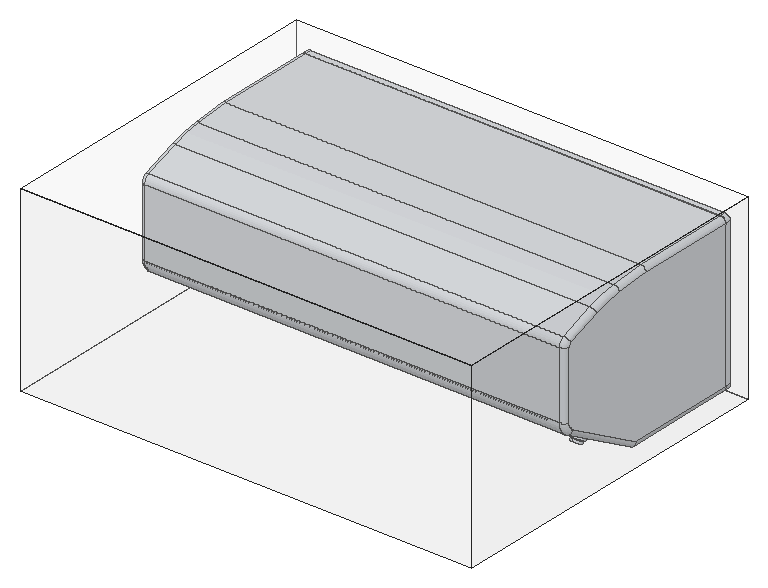
Revit family "msz-hxv25_8026_50hz", category 機械設備, Revit 2023
Family settings
  丸型コネクタ寸法 = 直径を使用
  種別 = なし
  パーツ タイプ = 標準
  OmniClass 番号 = 23.75.10.24.21.27.27
  OmniClass タイトル = Split System Air Conditioning Units
  作業面ベース = いいえ
  常に垂直 = はい
  ロード時にボイドで切り取り = いいえ
  注釈の向きを維持 = いいえ
  共有 = いいえ
  部屋計算ポイント = はい
Parameters (values of type "壁掛_MSZ-HXV2526-W-IN")
  運転音(静冷房)  db = 34
  運転音(静暖房)  db = 39
  運転音(強暖房)  db = 62
  運転音(強冷房)  db = 61
  運転音(弱暖房)  db = 45
  運転音(弱冷房)  db = 46
  運転音(中暖房)  db = 50
  運転音(中冷房)  db = 51
  風量 = MAX風量  # 780 m³/h
  音響パワーレベル(dB) = if([運転音(強冷房)  db] > [運転音(強暖房)  db], [運転音(強冷房)  db], [運転音(強暖房)  db])  # 62
  電源種別 = ""
  電圧_電気ヒーター = 0 V
  電圧 = 100 V
  電動機出力_送風機 = 28 W
  運転質量 = 0.00 kg
  連動 = ""
  質量 = if(製品質量 > 運転質量, 製品質量, 運転質量) * 1.2  # 21.60 kg
  負荷分類 = 1_熱源類
  説明 = "ルームエアコン(霧ヶ峰) HXVシリーズ 室内ユニット"
  設計暖房能力 [instance] = 0 kW
  設計冷房能力_顕熱 [instance] = 0 kW
  設計冷房能力 [instance] = 0 kW
  設置方法 = "壁掛形"
  記号 [instance] = ""
  製造元 = "三菱電機株式会社"
  製品質量 = 18.00 kg
  製品出荷対象 = "国内"
  製品リリース年月 = ""
  製品グループ = ""
  系統 [instance] = ""
  符号 = "PAC"
  積算_科目 = "1 空気調和設備"
  積算_拾い区分 [instance] = ""
  相_電気ヒーター = 1
  相 = 1
  盤記号 [instance] = ""
  発停方法 = "付属スイッチ"
  特殊仕様 [instance] = ""
  火災停止 = ""
  消費電力_電気ヒーター = 0 W
  消費電力_暖房 = 590 W
  消費電力_冷房 = 500 W
  消費電力 = if(消費電力_冷房 > 消費電力_暖房, 消費電力_冷房, 消費電力_暖房)  # 590 W
  法定耐用年数 = "6"
  極数 = 1
  材質 [instance] = ""
  本体マテリアル = none
  有効加湿量 = 0
  最大電流値 = 0 A
  暖房能力 = 3.2 kW
  暖房 風量 = 780 m³/h
  既定の高さ = 0 mm
  推奨ブレーカー容量 = 0 A
  台数_冷媒分岐ユニット [instance] = ""
  冷房 風量 = 665 m³/h
  冷媒管長 [instance] = 0 mm
  価格 = 0
  形式_加湿器 = ""
  形式 = "壁掛 (露出)形"
  幹線記号 = ""
  室内機 = 室内機 : MSZ-HXV25*-W-IN
  始動方式 = "直入"
  呼称 = "パッケージ形空気調和機_室内機"
  周波数 = 50 Hz
  台数_手元リモコン = ""
  参照している仕様書等のバージョン = "公共建築工事標準仕様書（機械設備工事編）平成31年度版"
  加湿給水管径 = 0 mm
  分類コード = "5.0053E+13"
  分類グループ = ""
  冷房能力 = 2.5 kW
  冷媒高低圧ガス管径 = 0 mm
  冷媒管径符号 = "Ab"
  冷媒管径 = 100 mm
  冷媒液管径 = 6.35 mm
  冷媒ガス管径 = 9.52 mm
  企業コード = "108420"
  付属品 [instance] = ""
  仕様書バージョン = "Version1.0"
  モデル = "MSZ-HXV2526-W-IN"
  ドレン管径 = 16 mm
  サービススペース = yes
  コメント [instance] = ""
  【値が 0 の項目は組合せ形名にてご確認ください】 = ""
  Width = 799 mm
  Version = ""
  Uniclass2015Version = "Systems v1.9"
  Uniclass2015Title = "Split coil remote air cooled condensing units"
  Uniclass2015Code = "Pr_70_65_03_84"
  URL = "https://www.mitsubishielectric.co.jp/ldg/wink/"
  S寸法 = 0 mm
  SpecificationReference = ""
  SpecificationDescription = ""
  Revision = ""
  ProductInformation = ""
  OmniClassCode = "23-33 17 13 11"
  MAX風量 = if(冷房 風量 > 暖房 風量, 冷房 風量, 暖房 風量)  # 780 m³/h
  IfcTypeProduct = ""
  IfcProduct = ""
  IfcExportType = "AIRCONDITIONINGUNIT"
  IfcExportAs = "IfcUnitaryEquipmentType"
  Height = 295 mm
  Depth = 389 mm
  Clearance Top = 39 mm
  Clearance Right = 30 mm
  Clearance Left = 20 mm
  Clearance Front = 256 mm
  Clearance Bottom = 7 mm
  Clearance Back = 0 mm
  COP = 0
  Author = "三菱電機株式会社"
  APF = 0
Types (7, lengths in mm): name | 運転音(静冷房)  db | 運転音(静暖房)  db | 運転音(強暖房)  db | 運転音(強冷房)  db | 運転音(弱暖房)  db | 運転音(弱冷房)  db | 運転音(中暖房)  db | 運転音(中冷房)  db | 風量 | 音響パワーレベル(dB) | 電圧 | 電動機出力_送風機 | 質量 | 製品質量 | 消費電力_暖房 | 消費電力_冷房 | 消費電力 | 暖房能力 | 暖房 風量 | 冷房 風量 | 室内機 | 冷房能力 | 冷媒管径符号 | 冷媒ガス管径 | モデル | MAX風量
  壁掛_MSZ-HXV2526-W-IN | 34 | 39 | 62 | 61 | 45 | 46 | 50 | 51 | 780 m³/h | 62 | 100 V | 28 W | 21.60 kg | 18.00 kg | 590 W | 500 W | 590 W | 3.2 kW | 780 m³/h | 665 m³/h | 室内機 : MSZ-HXV25*-W-IN | 2.5 kW | "Ab" | 9.52 | "MSZ-HXV2526-W-IN" | 780 m³/h
  壁掛_MSZ-HXV2826S-W-IN | 34 | 39 | 66 | 63 | 46 | 48 | 52 | 53 | 810 m³/h | 66 | 200 V | 40 W | 21.60 kg | 18.00 kg | 770 W | 580 W | 770 W | 4 kW | 810 m³/h | 665 m³/h | 室内機 : MSZ-HXV28*-W-IN | 2.8 kW | "Ab" | 9.52 | "MSZ-HXV2826S-W-IN" | 810 m³/h
  壁掛_MSZ-HXV4026S-W-IN | 40 | 44 | 69 | 67 | 50 | 50 | 55 | 55 | 930 m³/h | 69 | 200 V | 40 W | 22.80 kg | 19.00 kg | 1430 W | 960 W | 1430 W | 6 kW | 930 m³/h | 730 m³/h | 室内機 : MSZ-HXV40*S-W-IN | 4 kW | "Ab" | 9.52 | "MSZ-HXV4026S-W-IN" | 930 m³/h
  壁掛_MSZ-HXV5626S-W-IN | 44 | 46 | 71 | 68 | 51 | 51 | 56 | 56 | 940 m³/h | 71 | 200 V | 40 W | 22.80 kg | 19.00 kg | 1700 W | 1720 W | 1720 W | 6.7 kW | 940 m³/h | 805 m³/h | 室内機 : MSZ-HXV56*S-W-IN | 5.6 kW | "Ab" | 9.52 | "MSZ-HXV5626S-W-IN" | 940 m³/h
  壁掛_MSZ-HXV6326S-W-IN | 44 | 47 | 71 | 69 | 52 | 52 | 57 | 57 | 960 m³/h | 71 | 200 V | 40 W | 22.80 kg | 19.00 kg | 1900 W | 2200 W | 2200 W | 7.1 kW | 960 m³/h | 860 m³/h | 室内機 : MSZ-HXV63*S-W-IN | 6.3 kW | "Ac" | 12.7 | "MSZ-HXV6326S-W-IN" | 960 m³/h
  壁掛_MSZ-HXV7126S-W-IN | 44 | 47 | 72 | 70 | 52 | 52 | 57 | 57 | 1045 m³/h | 72 | 200 V | 40 W | 22.80 kg | 19.00 kg | 2350 W | 2500 W | 2500 W | 8.5 kW | 1045 m³/h | 960 m³/h | 室内機 : MSZ-HXV71*S-W-IN | 7.1 kW | "Ac" | 12.7 | "MSZ-HXV7126S-W-IN" | 1045 m³/h
  壁掛_MSZ-HXV8026S-W-IN | 44 | 47 | 72 | 72 | 52 | 52 | 57 | 57 | 1045 m³/h | 72 | 200 V | 46 W | 22.80 kg | 19.00 kg | 2680 W | 2920 W | 2920 W | 9.5 kW | 1045 m³/h | 960 m³/h | 室内機 : MSZ-HXV80*S-W-IN | 8 kW | "Ac" | 12.7 | "MSZ-HXV8026S-W-IN" | 1045 m³/h
Reference planes
  plane 1 "中心(正面/背面)": y = 0
  plane 2: z = 0
  plane 3 "中心(左/右)": x = 0
  plane 4: y = -650
  plane 5: x = -399.5
  plane 6: x = 399.5
  plane 7: x = 429.5
  plane 8: z = 0
  plane 9: z = 39
  plane 10: x = -419.5
  plane 11: z = -253
  plane 12: x = 332
  plane 13: z = -302
  plane 14: y = -199.5
  plane 15: y = -394
  plane 16: y = -5
  plane 17: z = -254
  plane 18: z = -295
  plane 19: y = 0
  plane 20: z = -284
  plane 21: z = -273
  plane 22: z = -385
Forms (mm)
  Extrusion 1, solid, detail levels fine
    sketch origin (-695, 194.999, 0) x (1, 0, 0) y (0, 0, 1)
      loop
        circle (1027, -253) r 10
    from 199.999 to 217.5
  Extrusion 2, solid, detail levels fine
    sketch origin (-695, 210.625, -30) x (1, 0, 0) y (0, 0, 1)
      loop
        circle (1027, -243) r 5
    from 215.625 to 220.625
Lines and regions (mm)
  Masking region 1, detail levels coarse+medium
    outline origin (0, 0, 0) x (1, 0, 0) y (0, 1, 0)
      loop
        line (399.5, 0) -> (-399.5, 0) -> (-399.5, -394) -> (399.5, -394) -> (399.5, 0)
Dimensions and locks
  equal spacing: plane 5, plane 3 "中心(左/右)", plane 6
  "Clearance Right": plane 6 to plane 7
  "Clearance Top": plane 9 to plane 8
  "Width": plane 5 to plane 6
  "Clearance Left": plane 10 to plane 5
  equal spacing: plane 15, plane 14, plane 16
  "Depth": plane 15 to plane 16
  "Clearance Front": plane 4 to plane 15
  nested 1 to plane 15 = 389 mm
  "Clearance Bottom": plane 18 to plane 13
  "Height": plane 8 to plane 18
  locked: plane 18 to plane 11 at 42
  locked: plane 18 to plane 17 at 41
  "Clearance Back": plane 1 "中心(正面/背面)" to plane 19
  locked: plane 20 to plane 17 at 30
  locked: plane 21 to plane 11 at 20
  plane 16 to plane 19 = 5 mm
  plane 4 to plane 19 = 650 mm
  plane 19 to plane 16 = 5 mm
  aligned and locked: plane 2 to level
  aligned and locked: plane 8 to nested 1  (x2)
  aligned and locked: nested 1 to plane 18  (x2)
  aligned and locked: level to plane 8
  aligned and locked: plane 9 to nested 2
  aligned and locked: plane 13 to nested 2
  aligned and locked: Masking region 1 sketch curve to plane 5
  aligned and locked: plane 15 to Masking region 1 sketch curve
  aligned and locked: Masking region 1 sketch curve to plane 19
  aligned and locked: plane 6 to Masking region 1 sketch curve
  aligned and locked: plane 16 to nested 1
  aligned and locked: plane 1 "中心(正面/背面)" to nested 2
  aligned and locked: plane 10 to nested 2
  aligned and locked: plane 7 to nested 2
  aligned and locked: plane 4 to nested 2
  aligned and locked: nested 1 to Extrusion 1
  aligned and locked: nested 1 to Extrusion 2
Automatic sketch dimensions
  Extrusion 1 sketch curve to plane 11 = 0 mm
  plane 12 to Extrusion 1 sketch curve = 0 mm
  plane 12 to Extrusion 2 sketch curve = 0 mm
  Extrusion 2 sketch curve to plane 21 = 0 mm
  radius of Extrusion 1 sketch curve = 10 mm
  radius of Extrusion 2 sketch curve = 5 mm
Nested families
  nested 1: "室内機" at (0, 0, -295), type <- "室内機", type "MSZ-HXV25*-W-IN", detail levels fine
  nested 2: "サービススペース" at (5, -325, -131.5), visible <- "サービススペース", type "サービススペース"
    with Width 849 mm, Height 341 mm, Depth 650 mm
Connectors
  piping at (332, -5, -253), diameter 100, driven by "冷媒管径", driven by "冷媒管径符号"
    settings: on Extrusion 1, index 7, connector inside diameter 609.6 mm, connector length 0 mm, flow factor 0, pipe flow 0.0 L/s, pressure drop 0.0 Pa, fitting loss kfactor 0, connector angle 0.00°, fixture units 0, engagement length 0 mm, angle of deflection 0.00°, flow configuration 1, flow direction 1, fitting loss method 4, system type 7, joint type 0, gender type 0, connector reference index -1, connector utility 0, adjustable connector no, is connector primary yes, connector description "Ab"
  piping at (332, -5, -273), diameter 16, driven by "ドレン管径"
    settings: on Extrusion 2, index 8, connector inside diameter 609.6 mm, connector length 0 mm, flow factor 0, pipe flow 0.0 L/s, pressure drop 0.0 Pa, fitting loss kfactor 0, connector angle 0.00°, fixture units 0, engagement length 0 mm, angle of deflection 0.00°, flow configuration 1, flow direction 2, fitting loss method 4, system type 16, joint type 0, gender type 0, connector reference index -1, connector utility 0, adjustable connector no, is connector primary no, connector description ""
  electrical at (0, -5, -147.5), driven by "負荷分類", driven by "電圧", driven by "消費電力"
    settings: on nested 1, index 10, voltage 100 V, apparent load 590 VA, apparent load phase1 0 VA, apparent load phase2 0 VA, apparent load phase3 0 VA, power factor 1, load classification "1_熱源類", number of poles 1, system type 30, power factor state 1, is connector primary yes, connector utility no, sub classification motor no, connector description ""
Definition of nested family "室内機"
  Parameters (values of type "MSZ-ZXV9023S-W-IN")
    Default Elevation = 0 mm
    Width = 799 mm
    Height = 295 mm
    Depth = 394 mm
  Types (12): name
    MSZ-ZXV9023S-W-IN
    MSZ-ZXV8023S-W-IN
    MSZ-ZXV7123S-W-IN
    MSZ-ZXV6323S-W-IN
    MSZ-ZXV5623S-W-IN
    MSZ-ZXV4023S-W-IN
    MSZ-ZXV3623S-W-IN
    MSZ-ZXV3623-W-IN
    MSZ-ZXV2823S-W-IN
    MSZ-ZXV2823-W-IN
    MSZ-ZXV2523-W-IN
    MSZ-ZXV2223-W-IN
  Reference planes
    plane 1 "中心(正面/背面)": y = 0
    plane 2: z = 0
    plane 3 "中心(左/右)": x = 0
    plane 4: y = -5
    plane 5: x = 399.5
    plane 6: x = -399.5
    plane 7: y = -394
    plane 8: z = 295
    plane 9: x = 379.5
    plane 10: y = -385
    plane 11: y = -394
    plane 12: z = 42
    plane 13: z = 295
    plane 14: z = 273
    plane 15: x = 352
    plane 16: x = -352
    plane 17: x = 399
    plane 18: x = 335
    plane 19: z = 253
    plane 20: x = 225
    plane 21: x = -225
    plane 22: x = 280
    plane 23: x = 155
    plane 24: z = 263
    plane 25: z = 243
  Forms (mm)
    Extrusion 1, solid
      sketch origin (0, 4, 0) x (0, 1, 0) y (0, 0, 1)
        loop
          line (-20, 284.987) -> (-212.516, 284.987) -> (-267.726, 279.494)
          arc (-267.726, 279.494) -> (-294.837, 275.073) -> (-321.185, 267.308) r 219.987
          line (-321.185, 267.308) -> (-384.718, 244.184)
          arc (-384.718, 244.184) -> (-387.098, 242.358) -> (-388, 239.497) r 4.987
          line (-388, 239.497) -> (-388, 112.321)
          arc (-388, 112.321) -> (-385.322, 102.327) -> (-378.006, 95.011) r 19.987
          line (-378.006, 95.011) -> (-230.785, 10.013) -> (-20, 10.013) -> (-20, 284.987)
      from -399.5 to 399.5
    Sweep 2, solid
      path origin (390, 4, 0) x (0, 1, 0) y (0, 0, 1)
        loop
          line (-20, 295) -> (-208.013, 295) -> (-270.599, 288.772)
          arc (-270.599, 288.772) -> (-298.943, 284.15) -> (-326.49, 276.032) r 230
          line (-326.49, 276.032) -> (-388.143, 253.592)
          arc (-388.143, 253.592) -> (-395.3, 248.101) -> (-398.013, 239.497) r 15
          line (-398.013, 239.497) -> (-398.013, 112.321)
          arc (-398.013, 112.321) -> (-393.993, 97.321) -> (-383.013, 86.34) r 30
          line (-383.013, 86.34) -> (-233.468, 0) -> (-20, 0)
      profile origin (390, -110.006, 295) x (0, 0, -1) y (1, 0, 0)
        loop
          arc (10.013, 9.5) -> (3.113, 6.75) -> (0.013, 0) r 10
          line (0.013, 0) -> (0.013, -780)
          arc (0.013, -780) -> (3.113, -786.75) -> (10.013, -789.5) r 10
          line (10.013, -789.5) -> (10.013, 9.5)
    Extrusion 3, solid
      sketch origin (0, 0, 0) x (1, 0, 0) y (0, 0, 1)
        loop
          line (-399.5, 285) -> (-399.5, 10)
          arc (-399.5, 10) -> (-396.746, 3.108) -> (-390, 0.013) r 10
          line (-390, 0.013) -> (390, 0.013)
          arc (390, 0.013) -> (396.746, 3.108) -> (399.5, 10) r 10
          line (399.5, 10) -> (399.5, 285)
          arc (399.5, 285) -> (396.746, 291.892) -> (390, 294.987) r 10
          line (390, 294.987) -> (-390, 294.987)
          arc (-390, 294.987) -> (-396.746, 291.892) -> (-399.5, 285) r 10
      from 16 to 5
    Revolve 4, solid
      sketch origin (367, -58.632, -153.367) x (0, 0.866025, -0.5) y (0, 0.5, 0.866025)
        loop
          line (-330.479, 56.396) -> (-330.479, 42.304) -> (-323.593, 42.304) -> (-323.593, 35.722) -> (-320.593, 35.722) -> (-320.593, 40.304)
          arc (-320.593, 40.304) -> (-320.007, 41.718) -> (-318.593, 42.304) r 2
          line (-318.593, 42.304) -> (-317.593, 42.304) -> (-317.593, 56.396) -> (-330.479, 56.396)
        axis (-330.479, 35.722) -> (-330.479, 56.396)
      angle from 0 to 360
    Extrusion 5, void
      sketch origin (0, -129.013, 230.692) x (1, 0, 0) y (0, -0.866025, 0.5)
        loop
          line (-383, 2) -> (-8.5, 2) -> (-8.5, 52) -> (-383, 52) -> (-383, 2)
        loop
          line (-385, 54) -> (-385, 0) -> (385, 0) -> (385, 54) -> (-385, 54)
        loop
          line (383, 2) -> (383, 52) -> (-6.5, 52) -> (-6.5, 2) -> (383, 2)
      from 250 to 244.836
    Extrusion 6, solid
      sketch origin (0, 0, 0) x (1, 0, 0) y (0, 0, 1)
        loop
          line (-285, 0) -> (285, 0) -> (285, 70)
          arc (285, 70) -> (292.322, 87.678) -> (310, 95) r 25
          arc (310, 95) -> (327.678, 102.322) -> (335, 120) r 25
          line (335, 120) -> (335, 273) -> (295, 273) -> (295, 278)
          arc (295, 278) -> (293.536, 281.536) -> (290, 283) r 5
          line (290, 283) -> (270, 283)
          arc (270, 283) -> (266.464, 281.536) -> (265, 278) r 5
          line (265, 278) -> (265, 273) -> (119.535, 273) -> (70.033, 253) -> (24.949, 253) -> (10, 290) -> (0, 290) -> (-10, 290) -> (-24.949, 253) -> (-105.033, 253) -> (-154.535, 273) -> (-265, 273) -> (-265, 278)
          arc (-265, 278) -> (-266.464, 281.536) -> (-270, 283) r 5
          line (-270, 283) -> (-290, 283)
          arc (-290, 283) -> (-293.536, 281.536) -> (-295, 278) r 5
          line (-295, 278) -> (-295, 273) -> (-335, 273) -> (-335, 120)
          arc (-335, 120) -> (-327.678, 102.322) -> (-310, 95) r 25
          arc (-310, 95) -> (-292.322, 87.678) -> (-285, 70) r 25
          line (-285, 70) -> (-285, 0)
        loop
          line (230.5, 248.5) -> (230.5, 257.5)
          arc (230.5, 257.5) -> (225, 263) -> (219.5, 257.5) r 5.5
          line (219.5, 257.5) -> (219.5, 248.5)
          arc (219.5, 248.5) -> (225, 243) -> (230.5, 248.5) r 5.5
        loop
          arc (-220.5, 247.5) -> (-215, 253) -> (-220.5, 258.5) r 5.5
          line (-220.5, 258.5) -> (-229.5, 258.5)
          arc (-229.5, 258.5) -> (-235, 253) -> (-229.5, 247.5) r 5.5
          line (-229.5, 247.5) -> (-220.5, 247.5)
        loop
          line (-105, 10) -> (105, 10)
          arc (105, 10) -> (155, 60) -> (105, 110) r 50
          line (105, 110) -> (-105, 110)
          arc (-105, 110) -> (-155, 60) -> (-105, 10) r 50
        loop
          line (305, 243) -> (255, 243) -> (255, 188) -> (261.875, 188)
          arc (261.875, 188) -> (265.887, 200.215) -> (267.245, 213) r 60.879
          line (267.245, 213) -> (292.755, 213)
          arc (292.755, 213) -> (294.113, 200.215) -> (298.125, 188) r 60.879
          line (298.125, 188) -> (305, 188) -> (305, 243)
        loop
          line (-305, 243) -> (-305, 188) -> (-298.125, 188)
          arc (-298.125, 188) -> (-294.113, 200.215) -> (-292.755, 213) r 60.879
          line (-292.755, 213) -> (-267.245, 213)
          arc (-267.245, 213) -> (-265.887, 200.215) -> (-261.875, 188) r 60.879
          line (-261.875, 188) -> (-255, 188) -> (-255, 243) -> (-305, 243)
      from 0 to 5
  Cuts and joins
    Extrusion 5 cuts Extrusion 1
    Extrusion 5 cuts Sweep 2
    joined: Sweep 2, Revolve 4
    Extrusion 5 cuts Extrusion 3
  Lines and regions (mm)
    model lines
      curve 1: line (-349.5, -121, 294.987) -> (-349.5, -181, 294.987)
      curve 2: line (-349.5, -189.013, 294.987) -> (349.5, -189.013, 294.987)
      curve 3: line (-349.5, -131, 294.987) -> (349.5, -131, 294.987)
      curve 4: line (349.5, -121, 294.987) -> (349.5, -181, 294.987)
      curve 5: line (-249.643, -121, 294.987) -> (-249.643, -181, 294.987)
      curve 6: line (-149.786, -121, 294.987) -> (-149.786, -181, 294.987)
      curve 7: line (-49.929, -121, 294.987) -> (-49.929, -181, 294.987)
      curve 8: line (49.929, -121, 294.987) -> (49.929, -181, 294.987)
      curve 9: line (149.786, -121, 294.987) -> (149.786, -181, 294.987)
      curve 10: line (249.643, -121, 294.987) -> (249.643, -181, 294.987)
      curve 11: line (-349.5, -151, 294.987) -> (349.5, -151, 294.987)
      curve 12: line (-349.5, -179.013, 294.987) -> (349.5, -179.013, 294.987)
      curve 13: line (-349.5, -161, 294.987) -> (349.5, -161, 294.987)
      curve 14: line (-349.5, -141, 294.987) -> (349.5, -141, 294.987)
      curve 15: line (-349.5, -121, 294.987) -> (349.5, -121, 294.987)
      curve 16: line (-349.5, -46, 294.987) -> (-349.5, -106, 294.987)
      curve 17: line (-349.5, -106, 294.987) -> (349.5, -106, 294.987)
      curve 18: line (-349.5, -56, 294.987) -> (349.5, -56, 294.987)
      curve 19: line (349.5, -46, 294.987) -> (349.5, -106, 294.987)
      curve 20: line (-249.643, -46, 294.987) -> (-249.643, -106, 294.987)
      curve 21: line (-149.786, -46, 294.987) -> (-149.786, -106, 294.987)
      curve 22: line (-49.929, -46, 294.987) -> (-49.929, -106, 294.987)
      curve 23: line (49.929, -46, 294.987) -> (49.929, -106, 294.987)
      curve 24: line (149.786, -46, 294.987) -> (149.786, -106, 294.987)
      curve 25: line (249.643, -46, 294.987) -> (249.643, -106, 294.987)
      curve 26: line (-349.5, -76, 294.987) -> (349.5, -76, 294.987)
      curve 27: line (-349.5, -96, 294.987) -> (349.5, -96, 294.987)
      curve 28: line (-349.5, -86, 294.987) -> (349.5, -86, 294.987)
      curve 29: line (-349.5, -66, 294.987) -> (349.5, -66, 294.987)
      curve 30: line (-349.5, -46, 294.987) -> (349.5, -46, 294.987)
  Dimensions and locks
    equal spacing: plane 6, plane 3 "中心(左/右)", plane 5
    "Width": plane 6 to plane 5
    "Depth": plane 7 to plane 1 "中心(正面/背面)"
    "Height": plane 8 to level
    plane 6 to curve 1 = 50 mm
    locked: plane 4 to plane 1 "中心(正面/背面)" at 5
    cut or joined group of Extrusion 3, Extrusion 5 to plane 7 = 389 mm
    cut or joined group of Extrusion 3, Extrusion 5 to plane 11 = 389 mm
    plane 7 to cut or joined group of Extrusion 3, Extrusion 5 = 389 mm
    plane 13 to plane 12 = 253 mm
    plane 13 to plane 14 = 22 mm
    plane 18 to plane 17 = 64 mm
    plane 17 to plane 15 = 47 mm
    plane 19 to plane 12 = 211 mm
    plane 14 to plane 12 = 231 mm
    plane 19 to Extrusion 6 sketch curve = 65 mm
    plane 24 to plane 25 = 20 mm
    aligned and locked: level to plane 2
    aligned and locked: Extrusion 3 to Extrusion 1
    aligned and locked: cut or joined group of Extrusion 3, Extrusion 5 to plane 4
    aligned and locked: plane 4 to cut or joined group of Extrusion 3, Extrusion 5
    aligned and locked: plane 7 to cut or joined group of Sweep 2, Revolve 4, Extrusion 5
    aligned and locked: Extrusion 6 to plane 1 "中心(正面/背面)"
    aligned and locked: plane 4 to Extrusion 6
  Automatic sketch dimensions
    Extrusion 3 sketch curve to plane 6 = 0 mm
    Extrusion 3 sketch curve to plane 5 = 0 mm
    Extrusion 3 sketch curve to plane 8 = 0.013 mm
    plane 6 to Extrusion 3 sketch curve = 9.5 mm  (x2)
    level to Extrusion 3 sketch curve = 0.013 mm
    level to Extrusion 3 sketch curve = 10 mm
    Extrusion 3 sketch curve to Extrusion 3 sketch curve = 0.5 mm
    Extrusion 3 sketch curve to plane 5 = 10 mm  (x2)
    Extrusion 3 sketch curve to plane 5 = 9.5 mm  (x2)
    level to Revolve 4 sketch curve = 60.713 mm
    Revolve 4 sketch curve to plane 7 = 77.363 mm
    Revolve 4 sketch curve to Revolve 4 sketch curve = 6.886 mm
    Revolve 4 sketch curve to Revolve 4 sketch curve = 3 mm
    Revolve 4 sketch curve to Revolve 4 sketch curve = 2 mm
    Revolve 4 sketch curve to Revolve 4 sketch curve = 12.886 mm
    Revolve 4 sketch curve to Revolve 4 sketch curve = 14.091 mm
    Revolve 4 sketch curve to Revolve 4 sketch curve = 0 mm  (x2)
    Revolve 4 sketch curve to Revolve 4 sketch curve = 4.583 mm
    Revolve 4 sketch curve to Revolve 4 sketch curve = 6.134 mm
    Revolve 4 sketch curve to Revolve 4 sketch curve = 3.815 mm
    plane 6 to Extrusion 5 sketch curve = 14.5 mm
    Extrusion 5 sketch curve to Extrusion 5 sketch curve = 2 mm  (x5)
    Extrusion 5 sketch curve to plane 3 "中心(左/右)" = 8.5 mm
    plane 9 to Extrusion 5 sketch curve = 3.5 mm
    Extrusion 5 sketch curve to Extrusion 5 sketch curve = 0 mm
    Extrusion 5 sketch curve to Extrusion 5 sketch curve = 50 mm  (x2)
    curve 1 to curve 1 = 60 mm  (x2)
    Extrusion 1 sketch curve to plane 7 = 10 mm
    Extrusion 1 sketch curve to Extrusion 1 sketch curve = 3.282 mm
    Extrusion 1 sketch curve to Extrusion 1 sketch curve = 1.706 mm
    Extrusion 1 sketch curve to Extrusion 1 sketch curve = 9.994 mm  (x2)
    Extrusion 1 sketch curve to plane 8 = 27.692 mm
    Extrusion 1 sketch curve to Extrusion 1 sketch curve = 63.534 mm
    Extrusion 1 sketch curve to plane 8 = 15.506 mm
    Extrusion 1 sketch curve to Extrusion 1 sketch curve = 53.458 mm
    level to Extrusion 1 sketch curve = 60.587 mm
    level to Extrusion 1 sketch curve = 10.013 mm
    Extrusion 1 sketch curve to Extrusion 1 sketch curve = 15.16 mm
    Extrusion 1 sketch curve to plane 8 = 10.013 mm
    Extrusion 1 sketch curve to Extrusion 1 sketch curve = 55.211 mm
    plane 4 to Extrusion 1 sketch curve = 11 mm
    level to Extrusion 1 sketch curve = 95.011 mm
    Extrusion 1 sketch curve to plane 8 = 55.503 mm
    plane 7 to Sweep 2 sketch curve = 0.013 mm
    Sweep 2 sketch curve to level = 0 mm
    Sweep 2 sketch curve to plane 8 = 0 mm
    Sweep 2 sketch curve to plane 7 = 9.857 mm
    Sweep 2 sketch curve to plane 7 = 14.987 mm  (x2)
    Sweep 2 sketch curve to plane 7 = 29.987 mm
    Sweep 2 sketch curve to plane 8 = 18.968 mm
    Sweep 2 sketch curve to Sweep 2 sketch curve = 61.652 mm
    Sweep 2 sketch curve to plane 8 = 6.228 mm
    Sweep 2 sketch curve to Sweep 2 sketch curve = 55.891 mm
    level to Sweep 2 sketch curve = 59.903 mm
    Sweep 2 sketch curve to Sweep 2 sketch curve = 14.358 mm
    Sweep 2 sketch curve to Sweep 2 sketch curve = 62.587 mm
    level to Sweep 2 sketch curve = 86.34 mm
    Sweep 2 sketch curve to plane 8 = 55.503 mm
    plane 4 to Sweep 2 sketch curve = 11 mm  (x2)
    Sweep 2 sketch curve to profile plane = 0 mm
    Sweep 2 sketch curve to profile plane = 0.013 mm
    Sweep 2 sketch curve to profile plane = 10 mm  (x2)
    Sweep 2 sketch curve to profile plane = 0.5 mm
    profile plane to Sweep 2 sketch curve = 9.5 mm
    Sweep 2 sketch curve to Sweep 2 sketch curve = 779 mm
    Sweep 2 sketch curve to Sweep 2 sketch curve = 0.5 mm
    Sweep 2 to curve 30 = 30 mm
    curve 2 to Sweep 2 = 14.999 mm
    Sweep 2 to curve 2 = 40.5 mm
    curve 30 to curve 18 = 10 mm
    curve 18 to curve 29 = 10 mm
    curve 29 to curve 26 = 10 mm
    curve 26 to curve 28 = 10 mm
    curve 28 to curve 27 = 10 mm
    curve 27 to curve 15 = 25 mm
    curve 17 to curve 15 = 15 mm
    curve 17 to curve 3 = 25 mm
    curve 3 to curve 14 = 10 mm
    curve 14 to curve 11 = 10 mm
    curve 11 to curve 13 = 10 mm
    curve 12 to curve 2 = 10 mm
    Sweep 2 to curve 30 = 40.5 mm
    Sweep 2 to curve 3 = 40.5 mm
    curve 29 to curve 30 = 0 mm
    curve 11 to curve 3 = 0 mm
    curve 28 to curve 29 = 0 mm
    curve 12 to curve 2 = 0 mm
    curve 27 to curve 28 = 0 mm
    curve 13 to curve 11 = 0 mm
    curve 26 to curve 28 = 0 mm
    curve 14 to curve 3 = 0 mm
    curve 18 to curve 29 = 0 mm
    curve 15 to curve 27 = 0 mm
    curve 17 to curve 15 = 0 mm  (x2)
    Sweep 2 to curve 15 = 40.5 mm
    curve 14 to curve 17 = 0 mm
    Sweep 2 to curve 18 = 40.5 mm
    curve 13 to curve 14 = 0 mm
    curve 26 to curve 18 = 0 mm
    curve 12 to curve 13 = 0 mm
    curve 27 to curve 15 = 0 mm
    curve 11 to curve 13 = 0 mm
    curve 28 to curve 26 = 0 mm
    curve 3 to curve 17 = 0 mm
    curve 29 to curve 18 = 0 mm
    curve 2 to curve 12 = 0 mm
    curve 30 to curve 18 = 0 mm
    curve 19 to plane 9 = 30 mm
    plane 4 to curve 16 = 41 mm
    curve 4 to curve 19 = 0 mm
    curve 19 to curve 25 = 99.857 mm
    curve 10 to curve 25 = 0 mm
    plane 4 to curve 24 = 41 mm
    curve 25 to curve 24 = 99.857 mm
    curve 9 to curve 24 = 0 mm
    plane 3 "中心(左/右)" to curve 8 = 49.929 mm
    plane 3 "中心(左/右)" to curve 23 = 49.929 mm
    curve 7 to plane 3 "中心(左/右)" = 49.929 mm
    curve 22 to plane 3 "中心(左/右)" = 49.929 mm
    curve 7 to curve 6 = 99.857 mm
    curve 21 to curve 6 = 0 mm
    plane 4 to curve 20 = 41 mm
    curve 21 to curve 20 = 99.857 mm
    curve 5 to curve 20 = 0 mm
    plane 6 to curve 16 = 50 mm
    plane 6 to curve 1 = 50 mm
    plane 4 to curve 25 = 41 mm
    plane 4 to curve 21 = 41 mm
    plane 4 to curve 23 = 41 mm
    plane 4 to curve 22 = 41 mm
    plane 4 to curve 19 = 41 mm
    curve 23 to curve 23 = 60 mm
    curve 20 to curve 20 = 60 mm
    curve 24 to curve 24 = 60 mm
    curve 19 to curve 19 = 60 mm
    curve 21 to curve 21 = 60 mm
    curve 22 to curve 22 = 60 mm
    curve 16 to curve 16 = 60 mm
    curve 25 to curve 25 = 60 mm
    curve 16 to curve 1 = 15 mm
    curve 25 to curve 10 = 15 mm
    curve 20 to curve 5 = 15 mm
    curve 24 to curve 9 = 15 mm
    curve 21 to curve 6 = 15 mm
    curve 23 to curve 8 = 15 mm
    curve 22 to curve 7 = 15 mm
    curve 19 to curve 4 = 15 mm
    curve 8 to curve 8 = 60 mm
    curve 5 to curve 5 = 60 mm
    curve 9 to curve 9 = 60 mm
    curve 4 to curve 4 = 60 mm
    curve 6 to curve 6 = 60 mm
    curve 7 to curve 7 = 60 mm
    curve 10 to curve 10 = 60 mm
    Extrusion 6 sketch curve to plane 14 = 0 mm  (x4)
    Extrusion 6 sketch curve to plane 25 = 0 mm  (x2)
    Extrusion 6 sketch curve to level = 0 mm
    Extrusion 6 sketch curve to plane 19 = 0 mm  (x3)
    Extrusion 6 sketch curve to plane 3 "中心(左/右)" = 0 mm
    Extrusion 6 sketch curve to plane 20 = 0 mm
    plane 18 to Extrusion 6 sketch curve = 0 mm
    Extrusion 6 sketch curve to plane 16 = 1.635 mm
    plane 16 to Extrusion 6 sketch curve = 17 mm
    Extrusion 6 sketch curve to Extrusion 6 sketch curve = 25 mm  (x3)
    Extrusion 6 sketch curve to Extrusion 6 sketch curve = 30 mm
    Extrusion 6 sketch curve to Extrusion 6 sketch curve = 6.875 mm  (x3)
    plane 14 to Extrusion 6 sketch curve = 5 mm  (x3)
    Extrusion 6 sketch curve to Extrusion 6 sketch curve = 10 mm
    Extrusion 6 sketch curve to Extrusion 6 sketch curve = 5.37 mm  (x3)
    Extrusion 6 sketch curve to Extrusion 6 sketch curve = 5 mm  (x3)
    plane 21 to Extrusion 6 sketch curve = 60 mm
    Extrusion 6 sketch curve to Extrusion 6 sketch curve = 20 mm
    Extrusion 6 sketch curve to Extrusion 6 sketch curve = 25.51 mm
    plane 21 to Extrusion 6 sketch curve = 30 mm
    plane 21 to Extrusion 6 sketch curve = 4.5 mm
    Extrusion 6 sketch curve to plane 21 = 4.5 mm
    Extrusion 6 sketch curve to plane 21 = 18.635 mm
    Extrusion 6 sketch curve to Extrusion 6 sketch curve = 65.965 mm
    Extrusion 6 sketch curve to Extrusion 6 sketch curve = 49.502 mm
    plane 12 to Extrusion 6 sketch curve = 18 mm
    Extrusion 6 sketch curve to plane 3 "中心(左/右)" = 105 mm
    Extrusion 6 sketch curve to plane 3 "中心(左/右)" = 24.949 mm
    Extrusion 6 sketch curve to plane 3 "中心(左/右)" = 10 mm
    plane 3 "中心(左/右)" to Extrusion 6 sketch curve = 10 mm
    plane 3 "中心(左/右)" to Extrusion 6 sketch curve = 24.949 mm
    Extrusion 6 sketch curve to Extrusion 6 sketch curve = 45.084 mm
    Extrusion 6 sketch curve to plane 23 = 50 mm
    Extrusion 6 sketch curve to plane 23 = 35.465 mm
    Extrusion 6 sketch curve to plane 20 = 18.635 mm
    plane 22 to Extrusion 6 sketch curve = 25 mm
    plane 22 to Extrusion 6 sketch curve = 15 mm
    plane 22 to Extrusion 6 sketch curve = 12.755 mm
    Extrusion 6 sketch curve to plane 22 = 5 mm
    Extrusion 6 sketch curve to plane 22 = 10 mm
    Extrusion 6 sketch curve to plane 22 = 12.755 mm
    plane 18 to Extrusion 6 sketch curve = 25 mm
    plane 15 to Extrusion 6 sketch curve = 1.635 mm
    level to Extrusion 6 sketch curve = 10 mm
    plane 12 to Extrusion 6 sketch curve = 28 mm  (x2)
    Extrusion 6 sketch curve to plane 25 = 55 mm
    plane 25 to Extrusion 6 sketch curve = 4.5 mm
    Extrusion 6 sketch curve to plane 19 = 4.5 mm
    plane 19 to Extrusion 6 sketch curve = 4.5 mm
    Extrusion 6 sketch curve to plane 8 = 5 mm
    Extrusion 6 sketch curve to plane 20 = 5.5 mm
Definition of nested family "サービススペース"
  Parameters (values of type "サービススペース")
    Default Elevation = 0 mm
    Width [instance] = 500 mm
    Height [instance] = 500 mm
    Depth [instance] = 500 mm
  Reference planes
    plane 1 "中心(正面/背面)": y = 0
    plane 2: z = 0
    plane 3 "中心(左/右)": x = 0
    plane 4: y = -250
    plane 5: x = 250
    plane 6: y = 250
    plane 7: x = -250
    plane 8: z = 250
    plane 9: z = -250
  Forms (mm)
    Extrusion 1, solid
      sketch origin (-638.939, 0, 72.39) x (1, 0, 0) y (0, 1, 0)
        loop
          line (388.939, 250) -> (388.939, -250) -> (888.939, -250) -> (888.939, 250) -> (388.939, 250)
      from -322.39 to 177.61
  Lines and regions (mm)
    symbolic lines
      curve 1: line (-250, 0, 250) -> (250, 0, 250)
      curve 2: line (-250, 0, -250) -> (-250, 0, 250)
      curve 3: line (250, 0, -250) -> (-250, 0, -250)
      curve 4: line (250, 0, 250) -> (250, 0, -250)
      curve 5: line (0, -250, 250) -> (0, 250, 250)
      curve 6: line (0, -250, -250) -> (0, -250, 250)
      curve 7: line (0, 250, -250) -> (0, -250, -250)
      curve 8: line (0, 250, 250) -> (0, 250, -250)
      curve 9: line (-250, 250, 0) -> (250, 250, 0)
      curve 10: line (-250, -250, 0) -> (-250, 250, 0)
      curve 11: line (250, -250, 0) -> (-250, -250, 0)
      curve 12: line (250, 250, 0) -> (250, -250, 0)
  Dimensions and locks
    equal spacing: plane 7, plane 3 "中心(左/右)", plane 5
    equal spacing: plane 4, plane 1 "中心(正面/背面)", plane 6
    "Depth": plane 4 to plane 6
    "Width": plane 7 to plane 5
    equal spacing: plane 8, plane 2, plane 9
    "Height": plane 8 to plane 9
    aligned and locked: plane 9 to curve 3
    aligned and locked: plane 7 to curve 2
    aligned and locked: curve 4 to plane 5
    aligned and locked: plane 5 to Extrusion 1
    aligned and locked: Extrusion 1 to plane 7
    aligned and locked: Extrusion 1 to plane 9
    aligned and locked: plane 8 to Extrusion 1
    aligned and locked: plane 9 to curve 7
  Automatic sketch dimensions
    plane 4 to Extrusion 1 sketch curve = 0 mm
    Extrusion 1 sketch curve to plane 7 = 0 mm
    Extrusion 1 sketch curve to plane 5 = 0 mm
    plane 6 to Extrusion 1 sketch curve = 0 mm
    curve 2 to plane 8 = 0 mm
    plane 4 to curve 11 = 0 mm
    curve 11 to plane 7 = 0 mm
    curve 11 to plane 5 = 0 mm
    plane 6 to curve 10 = 0 mm
    curve 7 to plane 4 = 0 mm
    curve 7 to plane 6 = 0 mm
    curve 6 to plane 8 = 0 mm
